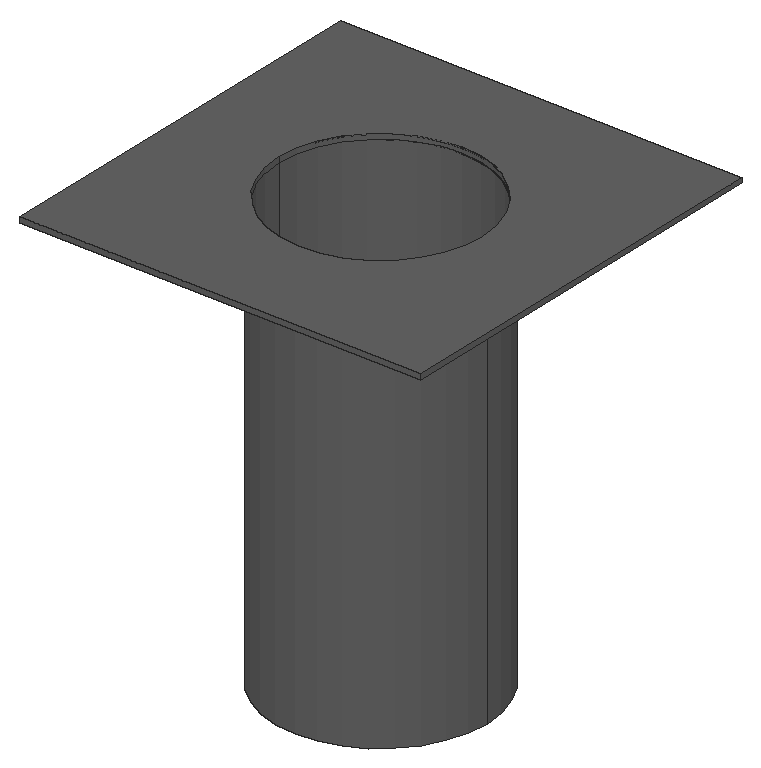
Revit family "Roofing-Aquaknight-Butynol_Dropper", category Pipe Accessories, Revit 2016
Family settings
  Part Type = Normal
  Round Connector Dimension = Use Diameter
  OmniClass Number = 23.60.30.11
  OmniClass Title = Pipework Products for General Use
  Work Plane-Based = No
  Always vertical = Yes
  Cut with Voids When Loaded = No
  Shared = No
Parameters (values of type "DN150")
  Width = 277.00 mm
  URL = "www.aquaknight.co.nz"
  Pipe Joint Location = 150.00 mm
  Phone = "+6498322214"  # constant formula
  Model = "2100.109"
  Max Weir Flow = 12.16 L/s
  Manufacturer = "Aquaknight Industries Ltd"  # constant formula
  Length = 300.00 mm
  Flow [instance] = 12.16 L/s
  Extrusion End = 3.50 mm
  Email = "info@aquaknight.co.nz"  # constant formula
  Drain Radius = Drain Diameter / 2  # 73.75 mm
  Drain Interior Radius = Drain Interior Diameter / 2  # 70.25 mm
  Drain Interior Diameter = 140.50 mm
  Drain Diameter = 147.50 mm
  Description = "Butynol Dropper 300x150"
  Depth = 277.00 mm
  DN = 150
  Connector Diameter = 148.00 mm
  400mm Head Flow = 0.0 L/s
  250mm Head Flow = 0.0 L/s
Types (4, lengths in mm): name | Width | Pipe Joint Location | Model | Max Weir Flow | Length | Flow | Extrusion End | Drain Radius | Drain Interior Radius | Drain Interior Diameter | Drain Diameter | Description | Depth | DN | Connector Diameter
  (no name) | 277.00 | 150.00 | "2100.109" | 12.16 L/s | 300.00 | 12.16 L/s | 3.50 | 73.75 | 70.25 | 140.50 | 147.50 | "Butynol Dropper 300x150" | 277.00 | 150 | 148.00
  DN100 | 204.00 | 149.50 | "2100.108" | 7.5 L/s | 299.00 | 7.5 L/s | 3.50 | 50.00 | 46.50 | 93.00 | 100.00 | "Butynol Dropper 300x100" | 204.00 | 100 | 100.00
  DN150 | 277.00 | 150.00 | "2100.109" | 12.16 L/s | 300.00 | 12.16 L/s | 3.50 | 73.75 | 70.25 | 140.50 | 147.50 | "Butynol Dropper 300x150" | 277.00 | 150 | 148.00
  DN80 | 204.00 | 149.00 | "2100.107" | 5.0 L/s | 298.00 | 5.0 L/s | 2.50 | 36.75 | 34.25 | 68.50 | 73.50 | "Butynol Dropper 300x80" | 204.00 | 80 | 74.00
Reference planes
  plane 1 "Center (Front/Back)": y = 0
  plane 2: z = 0
  plane 3 "Center (Left/Right)": x = 0
  plane 4: x = -138.5
  plane 5: x = 138.5
  plane 6: y = 138.5
  plane 7: y = -138.5
  plane 8: z = -296.5
  plane 9: z = -150
  plane 10: z = 3.5
Forms (mm)
  Extrusion 1, solid, material "Aquanight-MDPE"
    sketch origin (0, 0, 0) x (1, 0, 0) y (0, 1, 0)
      loop
        line (-138.5, 138.5) -> (-138.5, -138.5) -> (138.5, -138.5) -> (138.5, 138.5) -> (-138.5, 138.5)
      loop
        circle (0, 0) r 70.25
    from 0 to 3.5
  Extrusion 2, solid, material "Aquanight-MDPE"
    sketch origin (0, 0, 0) x (1, 0, 0) y (0, 1, 0)
      loop
        circle (0, 0) r 70.25
      loop
        circle (0, 0) r 73.75
    from 0 to -296.5
Dimensions and locks
  equal spacing: plane 6, plane 1 "Center (Front/Back)", plane 7
  equal spacing: plane 4, plane 3 "Center (Left/Right)", plane 5
  "Depth": plane 6 to plane 7
  "Width": plane 4 to plane 5
  "Length": plane 10 to plane 8
  "Pipe Joint Location": level to plane 9
  locked: connector elem to plane 3 "Center (Left/Right)" at 0
  locked: connector elem to plane 1 "Center (Front/Back)" at 0
  "Extrusion End": plane 10 to level
  "Drain Interior Radius": radius of Extrusion 1 sketch curve
  "Drain Interior Radius": radius of Extrusion 2 sketch curve
  "Drain Radius": radius of Extrusion 2 sketch curve
  aligned and locked: level to plane 2
  aligned and locked: Extrusion 1 sketch curve to plane 4
  aligned and locked: Extrusion 1 sketch curve to plane 6
  aligned and locked: Extrusion 1 sketch curve to plane 5
  aligned and locked: Extrusion 1 sketch curve to plane 7
  aligned and locked: plane 1 "Center (Front/Back)" to Extrusion 1 sketch curve
  aligned and locked: plane 3 "Center (Left/Right)" to Extrusion 1 sketch curve
  aligned and locked: Extrusion 2 to plane 8
  aligned and locked: Extrusion 1 to plane 10
Automatic sketch dimensions
  Extrusion 2 sketch curve to Extrusion 2 sketch curve = 0.00 mm  (x2)
  plane 1 "Center (Front/Back)" to Extrusion 2 sketch curve = 0.00 mm
  Extrusion 2 sketch curve to plane 3 "Center (Left/Right)" = 0.00 mm
Connectors
  piping at (0, 0, -150), diameter 148, driven by "Flow", driven by "Connector Diameter"
    settings: on plane 9, index 2, connector inside diameter 609.6 mm, connector length 0.00 mm, flow factor 0, pipe flow 12.16 L/s, pressure drop 0.0 Pa, fitting loss kfactor 0, connector angle 0.00°, fixture units 0, engagement length 0.00 mm, angle of deflection 0.00°, flow configuration 1, flow direction 2, fitting loss method 0, system type 22, joint type 0, gender type 0, connector reference index -1, connector utility 0, adjustable connector no, is connector primary yes, connector description ""
